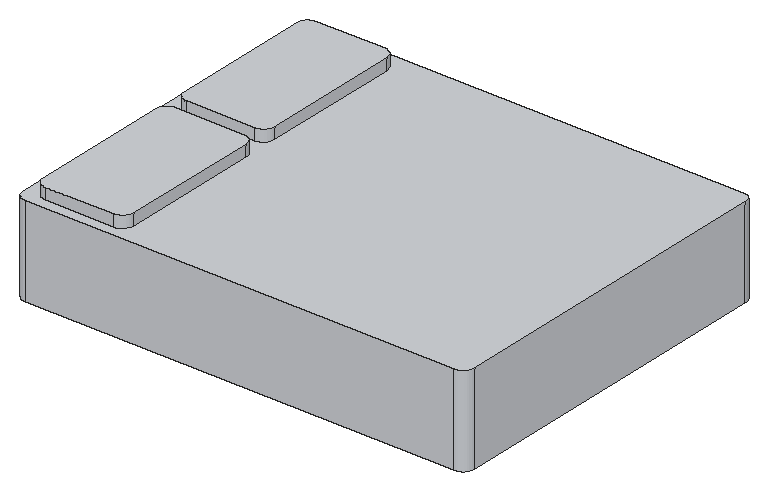
Revit family "Bed", category Furniture, Revit 2025
Family settings
  OmniClass Number = 23.40.20.00
  OmniClass Title = General Furniture and Specialties
  Work Plane-Based = Yes
  Enable Cutting in Views = No
  Always vertical = Yes
  Cut with Voids When Loaded = No
  Render Appearance Source = Family Geometry
  Shared = No
  Room Calculation Point = No
Parameters (values of type "1600x2000mm")
  Single bed = no
  Pillow materiale = none
  Double bed = yes
  Distance from wall = 50 mm
  Default Elevation = 0 mm
  Creator Build [instance] = "2023.0405.0"  # constant formula
  Corner rounding = 50 mm
  Bed width = 1600 mm
  Bed materiale = none
  Bed length = 2000 mm
Types (5, lengths in mm): name | Single bed | Double bed | Bed width
  900x2000mm | yes | no | 900
  1600x2000mm | no | yes | 1600
  1800x2000mm | no | yes | 2000
  800x2000mm | yes | no | 800
  1400x2000mm | no | yes | 1400
Reference planes
  plane 1 "Center (Front/Back)": y = 0
  plane 2: z = 0
  plane 3 "Center (Left/Right)": x = 0
  plane 4: y = 800
  plane 5: y = -800
  plane 6 "Top bed": z = 400
  plane 7: x = 50
  plane 8 "Bed length": x = 2050
Forms (mm)
  Extrusion 1, solid, material <- "Bed materiale"
    sketch origin (0, 0, 0) x (1, 0, 0) y (0, 1, 0)
      loop
        arc (100, 800) -> (64.645, 785.355) -> (50, 750) r 50
        line (50, 750) -> (50, -750)
        arc (50, -750) -> (64.645, -785.355) -> (100, -800) r 50
        line (100, -800) -> (2000, -800)
        arc (2000, -800) -> (2035.355, -785.355) -> (2050, -750) r 50
        line (2050, -750) -> (2050, 750)
        arc (2050, 750) -> (2035.355, 785.355) -> (2000, 800) r 50
        line (2000, 800) -> (100, 800)
    from 0 to 400
  Extrusion 2, solid, material <- "Pillow materiale", visible <- "Double bed"
    sketch origin (0, 0, 400) x (-1, 0, 0) y (0, -1, 0)
      loop
        line (-150, 750) -> (-450, 750)
        arc (-450, 750) -> (-485.355, 735.355) -> (-500, 700) r 50
        line (-500, 700) -> (-500, 80)
        arc (-500, 80) -> (-485.355, 44.645) -> (-450, 30) r 50
        line (-450, 30) -> (-150, 30)
        arc (-150, 30) -> (-114.645, 44.645) -> (-100, 80) r 50
        line (-100, 80) -> (-100, 700)
        arc (-100, 700) -> (-114.645, 735.355) -> (-150, 750) r 50
      loop
        arc (-150, -750) -> (-114.645, -735.355) -> (-100, -700) r 50
        line (-100, -700) -> (-100, -80)
        arc (-100, -80) -> (-114.645, -44.645) -> (-150, -30) r 50
        line (-150, -30) -> (-450, -30)
        arc (-450, -30) -> (-485.355, -44.645) -> (-500, -80) r 50
        line (-500, -80) -> (-500, -700)
        arc (-500, -700) -> (-485.355, -735.355) -> (-450, -750) r 50
        line (-450, -750) -> (-150, -750)
    from 0 to 50
  Extrusion 3, solid, material <- "Pillow materiale", visible <- "Single bed"
    sketch origin (0, 0, 400) x (-1, 0, 0) y (0, -1, 0)
      loop
        line (-150, 750) -> (-450, 750)
        arc (-450, 750) -> (-485.355, 735.355) -> (-500, 700) r 50
        line (-500, 700) -> (-500, -700)
        arc (-500, -700) -> (-485.355, -735.355) -> (-450, -750) r 50
        line (-450, -750) -> (-150, -750)
        arc (-150, -750) -> (-114.645, -735.355) -> (-100, -700) r 50
        line (-100, -700) -> (-100, 700)
        arc (-100, 700) -> (-114.645, 735.355) -> (-150, 750) r 50
    from 0 to 50
Dimensions and locks
  "Distance from wall": plane 3 "Center (Left/Right)" to Extrusion 1 sketch curve
  equal spacing: plane 4, plane 1 "Center (Front/Back)", plane 5
  "Bed width": plane 4 to plane 5
  "Corner rounding": plane 5 to Extrusion 2 sketch curve
  "Corner rounding": Extrusion 1 to Extrusion 2 sketch curve  (x2)
  "Corner rounding": plane 4 to Extrusion 2 sketch curve
  locked: Extrusion 3 sketch curve to Extrusion 3 sketch curve at 400
  "Corner rounding": Extrusion 1 to Extrusion 3 sketch curve
  "Corner rounding": plane 4 to Extrusion 3 sketch curve
  "Corner rounding": plane 5 to Extrusion 3 sketch curve
  locked: Extrusion 2 sketch curve to Extrusion 2 sketch curve at 400  (x2)
  equal spacing: Extrusion 2 sketch curve, plane 1 "Center (Front/Back)", Extrusion 2 sketch curve
  "Distance from wall": plane 3 "Center (Left/Right)" to plane 7
  "Bed length": plane 7 to plane 8 "Bed length"
  "Corner rounding": radius of Extrusion 1 sketch curve  (x4)
  "Corner rounding": radius of Extrusion 2 sketch curve  (x8)
  "Corner rounding": radius of Extrusion 3 sketch curve  (x4)
  aligned and locked: level to plane 2
  aligned and locked: Extrusion 1 sketch curve to plane 4
  aligned and locked: Extrusion 1 sketch curve to plane 5
  aligned and locked: plane 6 "Top bed" to Extrusion 1
  aligned and locked: plane 8 "Bed length" to Extrusion 1
Automatic sketch dimensions
  Extrusion 1 sketch curve to plane 8 "Bed length" = 0 mm
  Extrusion 2 sketch curve to plane 1 "Center (Front/Back)" = 80 mm
